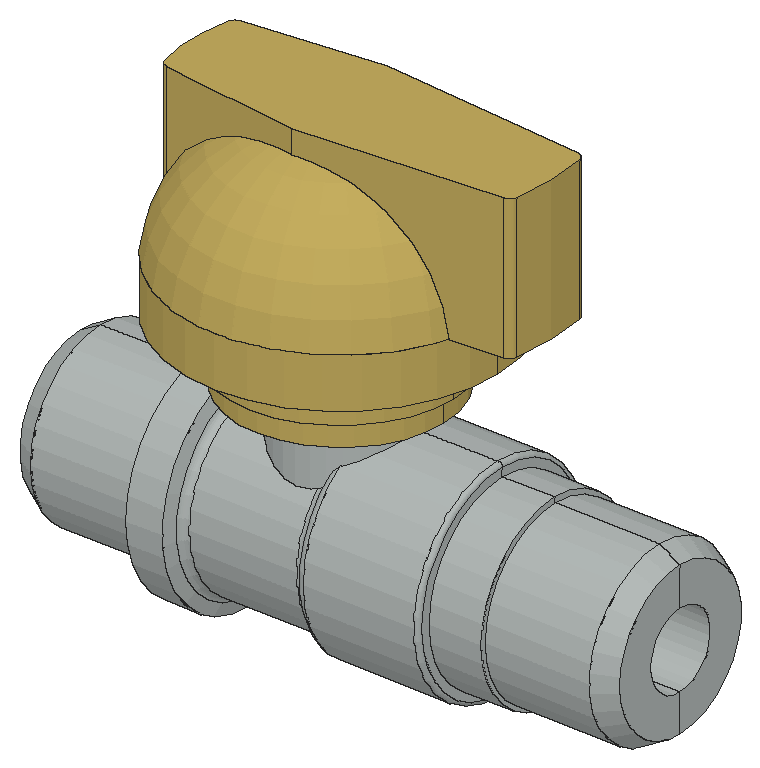
Revit family "QP21270000", category Apparecchi idraulici, Revit 2020
Family settings
  Quota connettore circolare = Usa diametro
  Tipo di parte = Normale
  Numero OmniClass = 23.45.00.00
  Titolo OmniClass = Sanitary, Laundry, and Cleaning Equipment
  Basato su piano di lavoro = No
  Sempre verticale = Sì
  Taglio con vuoti quando caricato = No
  Condiviso = No
  Punto di calcolo locali = No
Parameters
  URL = "https://web.cimberio.com/index.php/figura/839?subcategoria_id="
  Temperatura di esercizio = "-20 ÷ 60°C"
  Prospetto di default = 0 mm
  Produttore = "CIMBERIO SPA"
  Pressione nominale = "MOP 5"
  Modello = "Cim 171PG"
  Materiale = "Prodotto in lega di ottone conforme alla norma EN 12165-CW617N-DW"
  Descrizione = "Utilizzato nell’impiantistica distributiva di gas a bassa pressione per le categorie:\r\nGas naturali: gas derivati dal petrolio (Metano) e gas di ricambio.\r\nGas di città: prodotti secondo i diversi procedimenti (Cracking - Cokerie - ecc.).\r\nGas liquidi: propano e miscele di gas propano/butano"
  DN Model [instance] = QP21272102 : QP21272102
  DN [instance] = 9 mm
  Commenti sul tipo = "Realizzato in ottemperanza ai requisiti gestionali della norma EN ISO 9001.\r\nCollaudato al 100% secondo la normativa EN 12266-1"
Reference planes
  plane 1 "Centro (Fronte/Retro)": y = 0
  plane 2: z = 0
  plane 3 "Centro (Sinistra/Destra)": x = 0
Dimensions and locks
  aligned and locked: level to plane 2
Nested families
  nested 1: "QP21272102" at (0, 0, 0), type <- "DN Model", type "QP21272102"
  nested 2: "QP21272102" at (0, 0, 0), type <- "DN Model", type "QP21272102"
Connectors
  piping at (40.3, 0, 0), diameter 9, driven by "DN"
    settings: on nested 1, index 1, connector inside diameter 609.6 mm, connector length 0 mm, flow factor 0, pipe flow 0.0 L/s, pressure drop 0.0 Pa, fitting loss kfactor 0, connector angle 0.00°, fixture units 0, engagement length 0 mm, angle of deflection 0.00°, flow configuration 0, flow direction 0, fitting loss method 0, system type 7, joint type 0, gender type 0, connector reference index -1, connector utility 0, adjustable connector no, is connector primary yes, connector description ""
  piping at (-31.233, 0, 0), diameter 9, driven by "DN"
    settings: on nested 1, index 2, connector inside diameter 609.6 mm, connector length 0 mm, flow factor 0, pipe flow 0.0 L/s, pressure drop 0.0 Pa, fitting loss kfactor 0, connector angle 0.00°, fixture units 0, engagement length 0 mm, angle of deflection 0.00°, flow configuration 0, flow direction 0, fitting loss method 0, system type 7, joint type 0, gender type 0, connector reference index -1, connector utility 0, adjustable connector no, is connector primary no, connector description ""
Definition of nested family "QP21272102"
  Parameters (values of type "QP21272102")
    URL = ""
    Default Elevation = 0 mm
    Manufacturer = ""
    Model = ""
    Description = ""
    Type Comments = ""
  Reference planes
    plane 1 "Centro (Fronte/Retro)": y = 0
    plane 2: z = 0
    plane 3 "Centro (Sinistra/Destra)": x = 0
  Forms (mm)
    Revolve 1, solid
      sketch origin (1.758, 0, 0) x (1, 0, 0) y (0, 0, 1)
        loop
          line (-0.754, 4.83) -> (7.416, 4.83) -> (7.416, 16.081) -> (-0.754, 16.081) -> (-0.754, 4.83)
        axis (-0.754, 16.081) -> (-0.754, 4.83)
      angle from 0 to 360
    Revolve 2, solid
      sketch origin (0, 0, 0) x (1, 0, 0) y (0, 0, 1)
        loop
          arc (18.459, -12.494) -> (18.88, -12.396) -> (19.067, -12.006) r 0.5
          line (19.067, -12.006) -> (18.995, -11.006) -> (25.323, -11.006) -> (25.323, -4.5) -> (-15.233, -4.5) -> (-15.233, -13.244) -> (-10.898, -13.244) -> (-10.494, -11.735)
          arc (-10.494, -11.735) -> (-10.137, -11.201) -> (-9.528, -10.994) r 1
          line (-9.528, -10.994) -> (3.324, -10.994)
          arc (3.324, -10.994) -> (3.824, -11.128) -> (4.19, -11.494) r 1
          arc (4.19, -11.494) -> (4.647, -12.133) -> (5.344, -12.494) r 1.682
          line (5.344, -12.494) -> (18.459, -12.494)
        axis (-15.233, 0) -> (25.323, 0)
      angle from 0 to 360
    Revolve 3, solid
      sketch origin (0, 0, 0) x (1, 0, 0) y (0, 0, 1)
        loop
          line (-15.233, 10.456) -> (-28.804, 10.456) -> (-31.233, 9.013) -> (-31.233, 4.5) -> (-15.233, 4.5) -> (-15.233, 10.456)
        axis (-31.233, 0) -> (-15.233, 0)
      angle from 0 to 360
    Revolve 4, solid
      sketch origin (9.067, 0, 0) x (-1, 0, 0) y (0, 0, 1)
        loop
          line (-15.233, 10.456) -> (-28.804, 10.456) -> (-31.233, 9.013) -> (-31.233, 4.5) -> (-15.233, 4.5) -> (-15.233, 10.456)
        axis (-31.233, 0) -> (-15.233, 0)
      angle from 0 to 360
  Dimensions and locks
    aligned and locked: level to plane 2
  Nested families
    nested 1: "MANIGLIA SICUREZZA PREMI E GIRA" at (0, 0, 14.294), type "MANIGLIA SICUREZZA PREMI E GIRA"
  Definition of nested family "MANIGLIA SICUREZZA PREMI E GIRA"
    Parameters (values of type "MANIGLIA SICUREZZA PREMI E GIRA")
      URL = ""
      Default Elevation = 0 mm
      Manufacturer = ""
      Model = ""
      Description = ""
      Type Comments = ""
    Reference planes
      plane 1 "Centro (Fronte/Retro)": y = 0
      plane 2: z = 0
      plane 3 "Centro (Sinistra/Destra)": x = 0
    Forms (mm)
      Revolve 1, solid
        sketch origin (0.744, 0, -12.594) x (1, 0, 0) y (0, 0, 1)
          loop
            line (11.362, 12.594) -> (11.362, 15.594) -> (12.523, 15.594) -> (12.523, 20.094) -> (17.823, 20.094) -> (17.823, 26.094)
            arc (17.823, 26.094) -> (14.02, 35.192) -> (5.793, 40.629) r 16.935
            line (5.793, 40.629) -> (-0.977, 40.629) -> (-0.977, 12.594) -> (11.362, 12.594)
          axis (-0.977, 12.594) -> (-0.977, 40.629)
        angle from 0 to 360
      Extrusion 2, solid
        sketch origin (1.758, 0, -12.55) x (1, 0, 0) y (0, 1, 0)
          loop
            arc (-19.114, 4.772) -> (-19.758, -0.042) -> (-19.091, -4.852) r 18
            arc (-19.091, -4.852) -> (-18.778, -5.343) -> (-18.244, -5.576) r 1
            line (-18.244, -5.576) -> (-1.755, -7.5) -> (21.908, -5.5)
            arc (21.908, -5.5) -> (22.493, -5.247) -> (22.806, -4.691) r 1
            arc (22.806, -4.691) -> (23.25, 0) -> (22.806, 4.691) r 25
            arc (22.806, 4.691) -> (22.489, 5.25) -> (21.897, 5.501) r 1
            line (21.897, 5.501) -> (-2.38, 7.425) -> (-18.27, 5.5)
            arc (-18.27, 5.5) -> (-18.802, 5.265) -> (-19.114, 4.772) r 1
        from 26.05 to 43.05
    Dimensions and locks
      aligned and locked: level to plane 2
